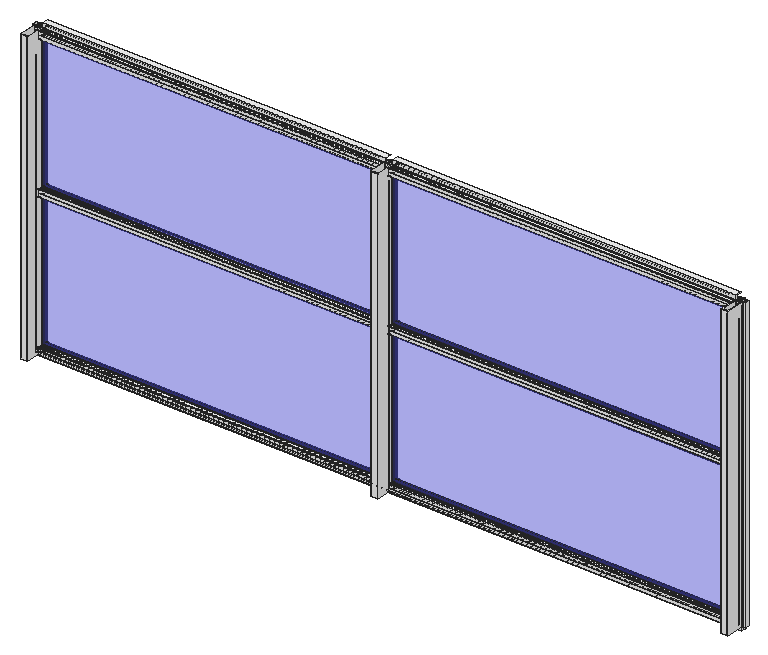
Revit family "Facade_60_Curtain_Wall_E22_Standard", category Windows, host Wall, Revit 2014 (continued)
Definition of nested family "F60 Horizontal Profile Middle_E22_Std"
  Forms (mm)
    Extrusion 6, solid, material <- "Profile Material", visible <- "Single Glazing"
      sketch origin (0, 0, 0) x (0, 1, 0) y (0, 0, 1)
        loop
          line (-64.664, 58.835) -> (-66.562, 57.91) -> (-67.088, 58.988) -> (-68.05, 58.519) -> (-68.05, 48.513)
          arc (-68.05, 48.513) -> (-67.874, 48.089) -> (-67.45, 47.913) r 0.6
          line (-67.45, 47.913) -> (-66.6, 47.913) -> (-66.6, 12.09) -> (-67.45, 12.09)
          arc (-67.45, 12.09) -> (-67.874, 11.914) -> (-68.05, 11.49) r 0.6
          line (-68.05, 11.49) -> (-68.05, 1.485) -> (-67.088, 1.016) -> (-66.562, 2.095) -> (-64.663, 1.169)
          arc (-64.663, 1.169) -> (-64.082, 1.2) -> (-63.8, 1.709) r 0.6
          line (-63.8, 1.709) -> (-63.8, 4.109) -> (-64.8, 4.109) -> (-64.8, 2.959) -> (-66.05, 2.959) -> (-66.05, 8.459) -> (-64.8, 8.459) -> (-64.8, 7.309) -> (-63.8, 7.309) -> (-63.8, 27.674) -> (-62.4, 28.483) -> (-62.4, 31.521) -> (-63.8, 32.329) -> (-63.8, 52.694)
      from 0 to 250 <- "Length"
    Extrusion 7, solid, material <- "Profile Material", visible <- "Single Glazing"
      sketch origin (0, 0, 0) x (0, 1, 0) y (0, 0, 1)
        loop
          line (-68.551, 3.3) -> (-76.559, 3.3) -> (-76.559, 30) -> (-76.559, 56.15)
          arc (-76.559, 56.15) -> (-75.739, 58.13) -> (-73.759, 58.95) r 2.8
          line (-73.759, 58.95) -> (-69.151, 58.95) -> (-69.151, 57.2)
          arc (-69.151, 57.2) -> (-68.987, 56.829) -> (-68.601, 56.703) r 0.5
          arc (-68.601, 56.703) -> (-68.216, 56.829) -> (-68.051, 57.2) r 0.5
          line (-68.051, 57.2) -> (-68.051, 58.517) -> (-67.089, 58.986) -> (-66.563, 57.907) -> (-63.866, 59.222)
          arc (-63.866, 59.222) -> (-64.001, 59.762) -> (-64.504, 60) r 0.65
          line (-64.504, 60) -> (-73.859, 60)
          arc (-73.859, 60) -> (-76.687, 58.828) -> (-77.859, 56) r 4
          line (-77.859, 56) -> (-77.859, 30) -> (-77.859, 2.493)
          arc (-77.859, 2.493) -> (-77.197, 0.799) -> (-75.562, 0.002) r 2.5
          arc (-75.562, 0.002) -> (-75.182, 0.132) -> (-75.021, 0.5) r 0.5
          line (-75.021, 0.5) -> (-75.021, 2) -> (-69.151, 2) -> (-69.151, 0.5)
          arc (-69.151, 0.5) -> (-69.005, 0.146) -> (-68.651, 0) r 0.5
          line (-68.651, 0) -> (-64.504, 0)
          arc (-64.504, 0) -> (-64.001, 0.238) -> (-63.866, 0.778) r 0.65
          line (-63.866, 0.778) -> (-66.563, 2.093) -> (-67.089, 1.014) -> (-68.051, 1.483) -> (-68.051, 2.8)
          arc (-68.051, 2.8) -> (-68.198, 3.154) -> (-68.551, 3.3) r 0.5
      from 0 to 250 <- "Length"
    Extrusion 8, solid, material <- "Thermal Break Material", visible <- "Double Glazing"
      sketch origin (0, 0, 0) x (0, 1, 0) y (0, 0, 1)
        loop
          line (-77.8, 27.673) -> (-77.8, 25.751)
          arc (-77.8, 25.751) -> (-77.654, 25.397) -> (-77.3, 25.251) r 0.5
          line (-77.3, 25.251) -> (-59.8, 25.251)
          arc (-59.8, 25.251) -> (-59.446, 25.397) -> (-59.3, 25.751) r 0.5
          line (-59.3, 25.751) -> (-59.3, 27.647) -> (-49.599, 27.647) -> (-47.528, 28.649)
          arc (-47.528, 28.649) -> (-46.803, 29.999) -> (-47.528, 31.349) r 1.62
          line (-47.528, 31.349) -> (-49.602, 32.353) -> (-59.3, 32.353) -> (-59.3, 34.251)
          arc (-59.3, 34.251) -> (-59.446, 34.604) -> (-59.8, 34.751) r 0.5
          line (-59.8, 34.751) -> (-77.3, 34.751)
          arc (-77.3, 34.751) -> (-77.654, 34.604) -> (-77.8, 34.251) r 0.5
          line (-77.8, 34.251) -> (-77.8, 32.327) -> (-76.4, 31.52) -> (-76.4, 28.482) -> (-77.8, 27.673)
        loop
          line (-59.006, 30.708) -> (-61.156, 32.858)
          arc (-61.156, 32.858) -> (-61.48, 33.074) -> (-61.863, 33.151) r 1
          line (-61.863, 33.151) -> (-73.8, 33.151)
          arc (-73.8, 33.151) -> (-74.507, 32.858) -> (-74.8, 32.151) r 1
          line (-74.8, 32.151) -> (-74.8, 27.851)
          arc (-74.8, 27.851) -> (-74.507, 27.144) -> (-73.8, 26.851) r 1
          line (-73.8, 26.851) -> (-61.863, 26.851)
          arc (-61.863, 26.851) -> (-61.48, 26.927) -> (-61.156, 27.144) r 1
          line (-61.156, 27.144) -> (-59.006, 29.294)
          arc (-59.006, 29.294) -> (-58.788, 29.618) -> (-58.713, 30.001) r 0.986
          arc (-58.713, 30.001) -> (-58.79, 30.383) -> (-59.006, 30.708) r 1.007
        loop
          line (-56.782, 28.347) -> (-49.415, 28.347) -> (-48.055, 29.005)
          arc (-48.055, 29.005) -> (-47.35, 29.887) -> (-47.854, 30.896) r 1.047
          line (-47.854, 30.896) -> (-49.415, 31.652) -> (-56.782, 31.652)
          arc (-56.782, 31.652) -> (-57.207, 31.416) -> (-57.23, 30.93) r 0.5
          arc (-57.23, 30.93) -> (-57.013, 29.999) -> (-57.23, 29.068) r 2.099
          arc (-57.23, 29.068) -> (-57.207, 28.583) -> (-56.782, 28.347) r 0.5
      from 0 to 250 <- "Length"
    Extrusion 9, solid, material <- "Profile Material", visible <- "Double Glazing"
      sketch origin (0, 0, 0) x (0, 1, 0) y (0, 0, 1)
        loop
          line (-77.8, 52.694) -> (-78.8, 52.694) -> (-78.8, 51.544) -> (-80.05, 51.544) -> (-80.05, 57.044) -> (-78.8, 57.044) -> (-78.8, 55.894) -> (-77.8, 55.894) -> (-77.8, 58.294)
          arc (-77.8, 58.294) -> (-78.082, 58.802) -> (-78.664, 58.834) r 0.6
          line (-78.664, 58.834) -> (-80.562, 57.909) -> (-81.088, 58.988) -> (-82.05, 58.518) -> (-82.05, 48.512)
          arc (-82.05, 48.512) -> (-81.874, 48.088) -> (-81.45, 47.912) r 0.6
          line (-81.45, 47.912) -> (-80.6, 47.912) -> (-80.6, 12.089) -> (-81.45, 12.089)
          arc (-81.45, 12.089) -> (-81.874, 11.913) -> (-82.05, 11.489) r 0.6
          line (-82.05, 11.489) -> (-82.05, 1.484) -> (-81.088, 1.015) -> (-80.562, 2.094) -> (-78.663, 1.169)
          arc (-78.663, 1.169) -> (-78.082, 1.199) -> (-77.8, 1.708) r 0.6
          line (-77.8, 1.708) -> (-77.8, 4.108) -> (-78.8, 4.108) -> (-78.8, 2.958) -> (-80.05, 2.958) -> (-80.05, 8.458) -> (-78.8, 8.458) -> (-78.8, 7.308) -> (-77.8, 7.308) -> (-77.8, 27.673) -> (-76.4, 28.482) -> (-76.4, 31.52) -> (-77.8, 32.328) -> (-77.8, 52.694)
      from 0 to 250 <- "Length"
    Extrusion 10, solid, material <- "Profile Material", visible <- "Double Glazing"
      sketch origin (0, 0, 0) x (0, 1, 0) y (0, 0, 1)
        loop
          line (-82.551, 3.3) -> (-90.558, 3.3) -> (-90.558, 30) -> (-90.558, 56.15)
          arc (-90.558, 56.15) -> (-89.738, 58.13) -> (-87.758, 58.95) r 2.8
          line (-87.758, 58.95) -> (-83.151, 58.95) -> (-83.151, 57.2)
          arc (-83.151, 57.2) -> (-82.986, 56.829) -> (-82.601, 56.703) r 0.5
          arc (-82.601, 56.703) -> (-82.215, 56.829) -> (-82.051, 57.2) r 0.5
          line (-82.051, 57.2) -> (-82.051, 58.517) -> (-81.088, 58.986) -> (-80.563, 57.907) -> (-77.866, 59.222)
          arc (-77.866, 59.222) -> (-78, 59.762) -> (-78.503, 60) r 0.65
          line (-78.503, 60) -> (-87.858, 60)
          arc (-87.858, 60) -> (-90.687, 58.828) -> (-91.858, 56) r 4
          line (-91.858, 56) -> (-91.858, 30) -> (-91.858, 2.493)
          arc (-91.858, 2.493) -> (-91.196, 0.799) -> (-89.561, 0.002) r 2.5
          arc (-89.561, 0.002) -> (-89.182, 0.132) -> (-89.021, 0.5) r 0.5
          line (-89.021, 0.5) -> (-89.021, 2) -> (-83.151, 2) -> (-83.151, 0.5)
          arc (-83.151, 0.5) -> (-83.004, 0.146) -> (-82.651, 0) r 0.5
          line (-82.651, 0) -> (-78.503, 0)
          arc (-78.503, 0) -> (-78, 0.238) -> (-77.866, 0.778) r 0.65
          line (-77.866, 0.778) -> (-80.563, 2.093) -> (-81.088, 1.014) -> (-82.051, 1.483) -> (-82.051, 2.8)
          arc (-82.051, 2.8) -> (-82.197, 3.154) -> (-82.551, 3.3) r 0.5
      from 0 to 250 <- "Length"
  Dimensions and locks
    aligned and locked: level to plane 2
Types (33, lengths in mm): name | Windload Design | Width | Vertical Profile Length | Quarter Expansion Break | Overall Width | Overall Height | Mullion Side Gap | Mullion Configuration | Mid Transom Bottom Gap | Max Pane Area | Sill Length | Length Sill | Intruderprufe U Value | Intruderprufe SHGC Value | Intruderprufe LowE U Value | Intruderprufe LowE SHGC Value | Intruderprufe Insulated U Value | Intruderprufe Insulated SHGC Value | Intruderprufe Insulated LowE U Value | Intruderprufe Insulated LowE SHGC Value | Horizontal Profile Length | Glazing Width | Glazing Height | Glazing Gap SG | Glazing Gap DG | DG Thickness Calc | DG Thickness | Height | SG Thickness | Custom Curtain Wall Width | Custom Curtain Wall Height | Custom Windload | 190mm Mullion | 160mm Mullion | 100mm Mullion
  (no name) | 2000 | 5990 | 2460 | no | 5990 | 2490 | 2965 | 2 | 1230 | 3.47675 m² | 5990 | 5990 | 5.74 | 0.72 | 4.14 | 0.63 | 3.01 | 0.619 | 2.34 | 0.558 | 2905 | 2945.4 | 1180.4 | 3 | 2 | 6 | 6 | 2490 | 8 | 5990 | 2490 | 2000 | no | yes | no
  F60-E22-1825-1000Pa | 1000 | 1790 | 2460 | no | 2000 | 3000 | 865 | 1 | 1230 | 0.99791 m² | 1790 | 1790 | 5.65 | 0.68 | 4.259 | 0.596 | 3.14 | 0.586 | 2.52 | 0.528 | 805 | 845.4 | 1180.4 | 5 | 4 | 4 | 4 | 2490 | 4 | 1790 | 2490 | 1000 | no | no | yes
  F60-E22-1825-1500Pa | 1500 | 1790 | 2460 | no | 2000 | 3000 | 865 | 1 | 1230 | 0.99791 m² | 1790 | 1790 | 5.65 | 0.68 | 4.259 | 0.596 | 3.14 | 0.586 | 2.52 | 0.528 | 805 | 845.4 | 1180.4 | 5 | 4 | 4 | 4 | 2490 | 4 | 1790 | 2490 | 1500 | no | no | yes
  F60-E22-1825-2000Pa | 2000 | 1790 | 2460 | no | 2000 | 3000 | 865 | 1 | 1230 | 0.99791 m² | 1790 | 1790 | 5.65 | 0.68 | 4.259 | 0.596 | 3.14 | 0.586 | 2.52 | 0.528 | 805 | 845.4 | 1180.4 | 5 | 4 | 4 | 4 | 2490 | 4 | 1790 | 2490 | 2000 | no | no | yes
  F60-E22-2425-1000Pa | 1000 | 2390 | 2460 | no | 2000 | 3000 | 1165 | 1 | 1230 | 1.35203 m² | 2390 | 2390 | 5.67 | 0.688 | 4.26 | 0.603 | 3.11 | 0.592 | 2.49 | 0.534 | 1105 | 1145.4 | 1180.4 | 5 | 4 | 4 | 4 | 2490 | 4 | 2390 | 2490 | 1000 | no | no | yes
  F60-E22-2425-1500Pa | 1500 | 2390 | 2460 | no | 2000 | 3000 | 1165 | 1 | 1230 | 1.35203 m² | 2390 | 2390 | 5.67 | 0.688 | 4.26 | 0.603 | 3.11 | 0.592 | 2.49 | 0.534 | 1105 | 1145.4 | 1180.4 | 5 | 4 | 4 | 4 | 2490 | 4 | 2390 | 2490 | 1500 | no | no | yes
  F60-E22-2425-2000Pa | 2000 | 2390 | 2460 | no | 2000 | 3000 | 1165 | 2 | 1230 | 1.35203 m² | 2390 | 2390 | 5.67 | 0.688 | 4.26 | 0.603 | 3.11 | 0.592 | 2.49 | 0.534 | 1105 | 1145.4 | 1180.4 | 5 | 4 | 4 | 4 | 2490 | 4 | 2390 | 2490 | 2000 | no | yes | no
  F60-E22-3025-1000Pa | 1000 | 2990 | 2460 | no | 2000 | 3000 | 1465 | 1 | 1230 | 1.70615 m² | 2990 | 2990 | 5.69 | 0.698 | 4.22 | 0.612 | 3.08 | 0.601 | 2.44 | 0.542 | 1405 | 1445.4 | 1180.4 | 4.5 | 4 | 4 | 4 | 2490 | 5 | 2990 | 2490 | 1000 | no | no | yes
  F60-E22-3025-1500Pa | 1500 | 2990 | 2460 | no | 2000 | 3000 | 1465 | 1 | 1230 | 1.70615 m² | 2990 | 2990 | 5.69 | 0.698 | 4.22 | 0.612 | 3.08 | 0.601 | 2.44 | 0.542 | 1405 | 1445.4 | 1180.4 | 4.5 | 4 | 4 | 4 | 2490 | 5 | 2990 | 2490 | 1500 | no | no | yes
  F60-E22-3025-2000Pa | 2000 | 2990 | 2460 | no | 2000 | 3000 | 1465 | 2 | 1230 | 1.70615 m² | 2990 | 2990 | 5.69 | 0.698 | 4.22 | 0.612 | 3.08 | 0.601 | 2.44 | 0.542 | 1405 | 1445.4 | 1180.4 | 4.5 | 4 | 4 | 4 | 2490 | 5 | 2990 | 2490 | 2000 | no | yes | no
  F60-E22-3625-1000Pa | 1000 | 3590 | 2460 | no | 2000 | 3000 | 1765 | 1 | 1230 | 2.06027 m² | 3590 | 3590 | 5.71 | 0.705 | 4.19 | 0.618 | 3.06 | 0.607 | 2.41 | 0.547 | 1705 | 1745.4 | 1180.4 | 4.5 | 4 | 4 | 4 | 2490 | 5 | 3590 | 2490 | 1000 | no | no | yes
  F60-E22-3625-1500Pa | 1500 | 3590 | 2460 | no | 2000 | 3000 | 1765 | 2 | 1230 | 2.06027 m² | 3590 | 3590 | 5.71 | 0.705 | 4.19 | 0.618 | 3.06 | 0.607 | 2.41 | 0.547 | 1705 | 1745.4 | 1180.4 | 4.5 | 4 | 4 | 4 | 2490 | 5 | 3590 | 2490 | 1500 | no | yes | no
  F60-E22-3625-2000Pa | 2000 | 3590 | 2460 | no | 2000 | 3000 | 1765 | 2 | 1230 | 2.06027 m² | 3590 | 3590 | 5.71 | 0.705 | 4.19 | 0.618 | 3.06 | 0.607 | 2.41 | 0.547 | 1705 | 1745.4 | 1180.4 | 4.5 | 4 | 4 | 4 | 2490 | 5 | 3590 | 2490 | 2000 | no | yes | no
  F60-E22-4225-1000Pa | 1000 | 4190 | 2460 | no | 2000 | 2490 | 2065 | 1 | 1230 | 2.41439 m² | 4190 | 4190 | 5.72 | 0.71 | 4.18 | 0.622 | 3.04 | 0.611 | 2.38 | 0.551 | 2005 | 2045.4 | 1180.4 | 3.8 | 3 | 5 | 5 | 2490 | 6.4 | 4190 | 2490 | 1000 | no | no | yes
  F60-E22-4225-1500Pa | 1500 | 4190 | 2460 | no | 2000 | 2490 | 2065 | 2 | 1230 | 2.41439 m² | 4190 | 4190 | 5.72 | 0.71 | 4.18 | 0.622 | 3.04 | 0.611 | 2.38 | 0.551 | 2005 | 2045.4 | 1180.4 | 3.8 | 3 | 5 | 5 | 2490 | 6.4 | 4190 | 2490 | 1500 | no | yes | no
  F60-E22-4225-2000Pa | 2000 | 4190 | 2460 | no | 2000 | 2490 | 2065 | 2 | 1230 | 2.41439 m² | 4190 | 4190 | 5.72 | 0.71 | 4.18 | 0.622 | 3.04 | 0.611 | 2.38 | 0.551 | 2005 | 2045.4 | 1180.4 | 3.8 | 3 | 5 | 5 | 2490 | 6.4 | 4190 | 2490 | 2000 | no | yes | no
  F60-E22-4825-1000Pa | 1000 | 4790 | 2460 | no | 2000 | 2490 | 2365 | 1 | 1230 | 2.76851 m² | 4790 | 4790 | 5.72 | 0.714 | 4.16 | 0.626 | 3.03 | 0.615 | 2.36 | 0.554 | 2305 | 2345.4 | 1180.4 | 3.8 | 3 | 5 | 5 | 2490 | 6.4 | 4790 | 2490 | 1000 | no | no | yes
  F60-E22-4825-1500Pa | 1500 | 4790 | 2460 | no | 2000 | 2490 | 2365 | 2 | 1230 | 2.76851 m² | 4790 | 4790 | 5.72 | 0.714 | 4.16 | 0.626 | 3.03 | 0.615 | 2.36 | 0.554 | 2305 | 2345.4 | 1180.4 | 3.8 | 3 | 5 | 5 | 2490 | 6.4 | 4790 | 2490 | 1500 | no | yes | no
  F60-E22-4825-2000Pa | 2000 | 4790 | 2460 | no | 2000 | 2490 | 2365 | 2 | 1230 | 2.76851 m² | 4790 | 4790 | 5.72 | 0.714 | 4.16 | 0.626 | 3.03 | 0.615 | 2.36 | 0.554 | 2305 | 2345.4 | 1180.4 | 3.8 | 3 | 5 | 5 | 2490 | 6.4 | 4790 | 2490 | 2000 | no | yes | no
  F60-E22-5425-1000Pa | 1000 | 5390 | 2460 | no | 2000 | 2490 | 2665 | 1 | 1230 | 3.12263 m² | 5390 | 5390 | 5.73 | 0.717 | 4.15 | 0.628 | 3.02 | 0.617 | 2.35 | 0.556 | 2605 | 2645.4 | 1180.4 | 3 | 3 | 5 | 5 | 2490 | 8 | 5390 | 2490 | 1000 | no | no | yes
  F60-E22-5425-1500Pa | 1500 | 5390 | 2460 | no | 2000 | 2490 | 2665 | 2 | 1230 | 3.12263 m² | 5390 | 5390 | 5.73 | 0.717 | 4.15 | 0.628 | 3.02 | 0.617 | 2.35 | 0.556 | 2605 | 2645.4 | 1180.4 | 3 | 3 | 5 | 5 | 2490 | 8 | 5390 | 2490 | 1500 | no | yes | no
  F60-E22-5425-2000Pa | 2000 | 5390 | 2460 | no | 2000 | 2490 | 2665 | 2 | 1230 | 3.12263 m² | 5390 | 5390 | 5.73 | 0.717 | 4.15 | 0.628 | 3.02 | 0.617 | 2.35 | 0.556 | 2605 | 2645.4 | 1180.4 | 3 | 3 | 5 | 5 | 2490 | 8 | 5390 | 2490 | 2000 | no | yes | no
  F60-E22-6025-1000Pa | 1000 | 5990 | 2460 | no | 2000 | 2490 | 2965 | 1 | 1230 | 3.47675 m² | 5990 | 5990 | 5.74 | 0.72 | 4.14 | 0.63 | 3.01 | 0.619 | 2.34 | 0.558 | 2905 | 2945.4 | 1180.4 | 3 | 2 | 6 | 6 | 2490 | 8 | 5990 | 2490 | 1000 | no | no | yes
  F60-E22-6025-1500Pa | 1500 | 5990 | 2460 | no | 2000 | 2490 | 2965 | 2 | 1230 | 3.47675 m² | 5990 | 5990 | 5.74 | 0.72 | 4.14 | 0.63 | 3.01 | 0.619 | 2.34 | 0.558 | 2905 | 2945.4 | 1180.4 | 3 | 2 | 6 | 6 | 2490 | 8 | 5990 | 2490 | 1500 | no | yes | no
  F60-E22-6025-2000Pa | 2000 | 5990 | 2460 | no | 5990 | 2490 | 2965 | 2 | 1230 | 3.47675 m² | 5990 | 5990 | 5.74 | 0.72 | 4.14 | 0.63 | 3.01 | 0.619 | 2.34 | 0.558 | 2905 | 2945.4 | 1180.4 | 3 | 2 | 6 | 6 | 2490 | 8 | 5990 | 2490 | 2000 | no | yes | no
  F60-E22-1850-1000Pa | 1000 | 1790 | 4960 | no | 2000 | 2490 | 865 | 2 | 2480 | 2.05466 m² | 1790 | 1790 | 5.62 | 0.71 | 4.1 | 0.622 | 3.02 | 0.611 | 2.37 | 0.55 | 805 | 845.4 | 2430.4 | 4.5 | 4 | 4 | 4 | 4990 | 5 | 1790 | 4990 | 1000 | no | yes | no
  F60-E22-1850-1500Pa | 1500 | 1790 | 4960 | no | 2000 | 2490 | 865 | 3 | 2480 | 2.05466 m² | 1790 | 1790 | 5.62 | 0.71 | 4.1 | 0.622 | 3.02 | 0.611 | 2.37 | 0.55 | 805 | 845.4 | 2430.4 | 4.5 | 4 | 4 | 4 | 4990 | 5 | 1790 | 4990 | 1500 | yes | no | no
  F60-E22-1850-2000Pa | 2000 | 1790 | 4960 | no | 2000 | 2490 | 865 | 3 | 2480 | 2.05466 m² | 1790 | 1790 | 5.62 | 0.71 | 4.1 | 0.622 | 3.02 | 0.611 | 2.37 | 0.55 | 805 | 845.4 | 2430.4 | 4.5 | 4 | 4 | 4 | 4990 | 5 | 1790 | 4990 | 2000 | yes | no | no
  F60-E22-2450-1000Pa | 1000 | 2390 | 4960 | no | 2000 | 2490 | 1165 | 3 | 2480 | 2.78378 m² | 2390 | 2390 | 5.64 | 0.718 | 4.07 | 0.629 | 2.99 | 0.617 | 2.33 | 0.556 | 1105 | 1145.4 | 2430.4 | 3.8 | 3 | 5 | 5 | 4990 | 6.4 | 2390 | 4990 | 1000 | yes | no | no
  F60-E22-2450-1500Pa | 1500 | 2390 | 4960 | no | 2000 | 2490 | 1165 | 3 | 2480 | 2.78378 m² | 2390 | 2390 | 5.64 | 0.718 | 4.07 | 0.629 | 2.99 | 0.617 | 2.33 | 0.556 | 1105 | 1145.4 | 2430.4 | 3.8 | 3 | 5 | 5 | 4990 | 6.4 | 2390 | 4990 | 1500 | yes | no | no
  F60-E22-3050-1000Pa | 1000 | 2990 | 4960 | no | 2000 | 2490 | 1465 | 3 | 2480 | 3.5129 m² | 2990 | 2990 | 5.67 | 0.729 | 4.03 | 0.638 | 2.95 | 0.627 | 2.27 | 0.565 | 1405 | 1445.4 | 2430.4 | 3 | 2 | 6 | 6 | 4990 | 8 | 2990 | 4990 | 1000 | yes | no | no
  F60-E22-3650-1000Pa | 1000 | 3590 | 4960 | no | 2000 | 2490 | 1765 | 3 | 2480 | 4.24202 m² | 3590 | 3590 | 5.68 | 0.736 | 4 | 0.645 | 2.93 | 0.633 | 2.24 | 0.57 | 1705 | 1745.4 | 2430.4 | 3 | 2 | 6 | 6 | 4990 | 8 | 3590 | 4990 | 1000 | yes | no | no
  F60-E22-4250-1000Pa | 1000 | 4190 | 4960 | yes | 4190 | 4990 | 2065 | 3 | 2480 | 4.97114 m² | 4190 | 4190 | 5.69 | 0.742 | 3.97 | 0.649 | 2.91 | 0.637 | 2.21 | 0.574 | 2005 | 2045.4 | 2430.4 | 2 | 2 | 8 | 6 | 4990 | 10 | 4190 | 4990 | 1000 | yes | no | no
